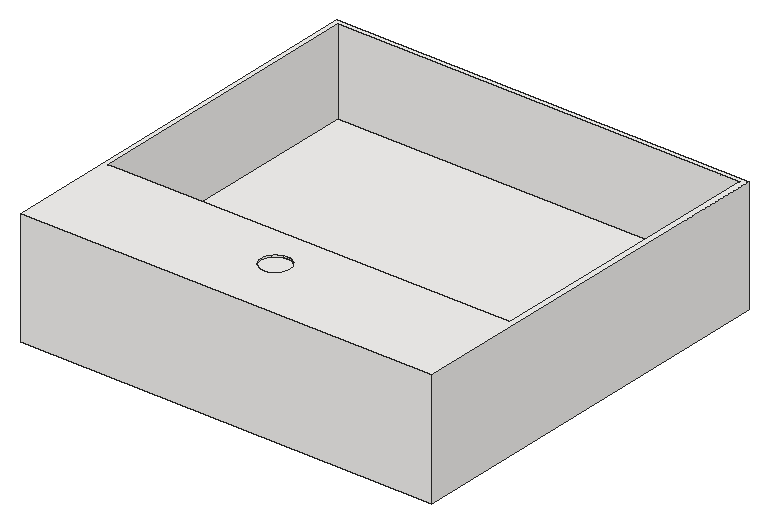
Revit family "Washbasins-hansgrohe-61088XXX-Xevolos E Handrinse basin 500_480 with tap hole without overflow, SmartClean", category Plumbing Fixtures, Revit 2019
Family settings
  Round Connector Dimension = Use Diameter
  Part Type = Valve - Breaks Into
  OmniClass Number = 23.31.13.00
  Work Plane-Based = No
  Always vertical = Yes
  Cut with Voids When Loaded = No
  Shared = Yes
  Room Calculation Point = No
Parameters (values of type "61088-61088450-GLOSSY_WHITE-200")
  X2 = 0
  X1 = 180
  WEIGHT = "13.5"
  UNSPSC = "301815 | Sanitary ware"
  UNIFORMATII = "D2010 | Plumbing Fixtures"
  UNICLASS_2015_CODE = "40_20_96"
  UNICLASS2015 = "Pr_40_20_96 | Wash basins, sinks and troughs"
  TYP = 1
  TAP = 1
  SURFACE = "GLOSSY_WHITE"
  SPECIFICATION = "Surfaces:  - 61088450 White   Specification:  • consists of: handrinse basin, waste set, cover  • material: ceramic  • SmartClean: dirt-repellent glaze • degree of gloss: glossy  • ceramic cover included • with one tap hole • without overflow • without shelf • non-closing waste set • 500 x 480 mm • type of installation: wall mounted  • suitable for cabinet"
  REGION = "Worldwide"
  PRODUCTURL = "https://pro.hansgrohe.com/articledetail--61088450"
  PRODUCTGROUP = "Washbasins"
  PRODUCTFAMILY = "Xevolos E"
  PERMALINK = "61088XXX"
  OMNICLASS = "23-31 13 00 | Sinks"
  OBJECTTYPE = "Object (single object)"
  NN = "Xevolos Washbasin"
  NBSYN = "$BASENUMBER.-$ARTNR.-$SURFACE.-$LODLEVEL."
  NB = "61088-61088450-GLOSSY_WHITE-200"
  NAME = "Xevolos E Handrinse basin 500/480 with tap hole without overflow, SmartClean"
  Model = "61088-61088450-GLOSSY_WHITE-200"
  Manufacturer = "Hansgrohe"
  MIdent = "{$CADENAS_DATA/23d-libs/hansgrohe/xevolos_washbasin/xevolos_washbasin.prj},222 {VTYP=3D},{NB=61088-61088450-GLOSSY_WHITE-200},{LINA=61088-61088450-GLOSSY_WHITE-200},{NN=Xevolos Washbasin},{DATE=13.03.2023 11:34:45},{GEOMDATE=13.03.2023 11:34:00},{VERSION=},{LINEID=820},{WBVAR=LODLEVEL},{WBNUMERIC=}  {NB=61088-61088450-GLOSSY_WHITE-200},{LINA=61088-61088450-GLOSSY_WHITE-200},{KT=DUMMY},{IDNR=1},{ARTNR=61088450},{BASENUMBER=61088},{MODEL=61088XXX},{SURFACE=GLOSSY_WHITE},{LODLEVEL=200},{LODLEVELX='400','400','200','200'},{L=500.000},{LI=320.000},{X1=180.000},{X2=0.000},{DO=46.000},{DOT=35.000},{TAP=1},{TYP=1},{NAME=Xevolos E Handrinse basin 500/480 with tap hole without overflow, SmartClean},{PERMALINK=61088XXX},{OBJECTTYPE=Object (single object)},{BIMOBJECT=Sanitary: Wash Basins},{PRODUCTFAMILY=Xevolos E},{PRODUCTGROUP=Washbasins},{WEIGHT=13.5},{DESCRIPTION=Xevolos E Handrinse basin 500/480 with tap hole without overflow, SmartClean},{SPECIFICATION=Surfaces:  - 61088450 White   Specification:  • consists of: handrinse basin, waste set, cover  • material: ceramic  • SmartClean: dirt-repellent glaze • degree of gloss: glossy  • ceramic cover included • with one tap hole • without overflow • without shelf • non-closing waste set • 500 x 480 mm • type of installation: wall mounted  • suitable for cabinet},{PRODUCTURL=https://pro.hansgrohe.com/articledetail--61088450},{GTINCODE=4059625420911},{IFC=Sanitary Terminal},{ETIM=EC011550 | Washbasin},{UNICLASS2015=Pr_40_20_96 | Wash basins, sinks and troughs},{OMNICLASS=23-31 13 00 | Sinks},{MASTERFORMAT=22 41 16.13 | Residential Lavatories},{UNSPSC=301815 | Sanitary ware},{UNIFORMATII=D2010 | Plumbing Fixtures},{REGION=Worldwide},{DESIGN=Germany},{MANUFACTURER=Germany}"
  MASTERFORMAT = "22 41 16.13 | Residential Lavatories"
  LODLEVEL = "200"
  LINA = "61088-61088450-GLOSSY_WHITE-200"
  LI = 320
  L = 500
  IFC = "Sanitary Terminal"
  GTINCODE = "4059625420911"
  ETIM = "EC011550 | Washbasin"
  DOT = 35
  DO = 46
  DESIGN = "Germany"
  CNSPipeRound/cp_Befestigungsanschluss_V = no
  CNSPipeRound/cp_Ausgang_1_V = no
  CATALOG = "Hansgrohe"
  BIMOBJECT = "Sanitary: Wash Basins"
  BASENUMBER = "61088"
  ARTNR = "61088450"
  61088-61088450-GLOSSY_WHITE-400_RX0RY0RZ0TX0TY0TZ0_V = no
  61088-61088450-GLOSSY_WHITE-200_RX0RY0RZ0TX0TY0TZ0_V = yes
Types (3, lengths in mm): name | NB | Model | MIdent | LODLEVEL | LINA | 61088-61088450-GLOSSY_WHITE-400_RX0RY0RZ0TX0TY0TZ0_V | 61088-61088450-GLOSSY_WHITE-200_RX0RY0RZ0TX0TY0TZ0_V
  (no name) | "61088-61088450-GLOSSY_WHITE-400" | "61088-61088450-GLOSSY_WHITE-400" | "{$CADENAS_DATA/23d-libs/hansgrohe/xevolos_washbasin/xevolos_washbasin.prj},222 {VTYP=3D},{NB=61088-61088450-GLOSSY_WHITE-400},{LINA=61088-61088450-GLOSSY_WHITE-400},{NN=Xevolos Washbasin},{DATE=13.03.2023 11:34:45},{GEOMDATE=13.03.2023 11:34:00},{VERSION=},{LINEID=820},{WBVAR=LODLEVEL},{WBNUMERIC=}  {NB=61088-61088450-GLOSSY_WHITE-400},{LINA=61088-61088450-GLOSSY_WHITE-400},{KT=DUMMY},{IDNR=1},{ARTNR=61088450},{BASENUMBER=61088},{MODEL=61088XXX},{SURFACE=GLOSSY_WHITE},{LODLEVEL=400},{LODLEVELX='400','400','200','200'},{L=500.000},{LI=320.000},{X1=180.000},{X2=0.000},{DO=46.000},{DOT=35.000},{TAP=1},{TYP=1},{NAME=Xevolos E Handrinse basin 500/480 with tap hole without overflow, SmartClean},{PERMALINK=61088XXX},{OBJECTTYPE=Object (single object)},{BIMOBJECT=Sanitary: Wash Basins},{PRODUCTFAMILY=Xevolos E},{PRODUCTGROUP=Washbasins},{WEIGHT=13.5},{DESCRIPTION=Xevolos E Handrinse basin 500/480 with tap hole without overflow, SmartClean},{SPECIFICATION=Surfaces:  - 61088450 White   Specification:  • consists of: handrinse basin, waste set, cover  • material: ceramic  • SmartClean: dirt-repellent glaze • degree of gloss: glossy  • ceramic cover included • with one tap hole • without overflow • without shelf • non-closing waste set • 500 x 480 mm • type of installation: wall mounted  • suitable for cabinet},{PRODUCTURL=https://pro.hansgrohe.com/articledetail--61088450},{GTINCODE=4059625420911},{IFC=Sanitary Terminal},{ETIM=EC011550 | Washbasin},{UNICLASS2015=Pr_40_20_96 | Wash basins, sinks and troughs},{OMNICLASS=23-31 13 00 | Sinks},{MASTERFORMAT=22 41 16.13 | Residential Lavatories},{UNSPSC=301815 | Sanitary ware},{UNIFORMATII=D2010 | Plumbing Fixtures},{REGION=Worldwide},{DESIGN=Germany},{MANUFACTURER=Germany}" | "400" | "61088-61088450-GLOSSY_WHITE-400" | yes | yes
  61088-61088450-GLOSSY_WHITE-200 | "61088-61088450-GLOSSY_WHITE-200" | "61088-61088450-GLOSSY_WHITE-200" | "{$CADENAS_DATA/23d-libs/hansgrohe/xevolos_washbasin/xevolos_washbasin.prj},222 {VTYP=3D},{NB=61088-61088450-GLOSSY_WHITE-200},{LINA=61088-61088450-GLOSSY_WHITE-200},{NN=Xevolos Washbasin},{DATE=13.03.2023 11:34:45},{GEOMDATE=13.03.2023 11:34:00},{VERSION=},{LINEID=820},{WBVAR=LODLEVEL},{WBNUMERIC=}  {NB=61088-61088450-GLOSSY_WHITE-200},{LINA=61088-61088450-GLOSSY_WHITE-200},{KT=DUMMY},{IDNR=1},{ARTNR=61088450},{BASENUMBER=61088},{MODEL=61088XXX},{SURFACE=GLOSSY_WHITE},{LODLEVEL=200},{LODLEVELX='400','400','200','200'},{L=500.000},{LI=320.000},{X1=180.000},{X2=0.000},{DO=46.000},{DOT=35.000},{TAP=1},{TYP=1},{NAME=Xevolos E Handrinse basin 500/480 with tap hole without overflow, SmartClean},{PERMALINK=61088XXX},{OBJECTTYPE=Object (single object)},{BIMOBJECT=Sanitary: Wash Basins},{PRODUCTFAMILY=Xevolos E},{PRODUCTGROUP=Washbasins},{WEIGHT=13.5},{DESCRIPTION=Xevolos E Handrinse basin 500/480 with tap hole without overflow, SmartClean},{SPECIFICATION=Surfaces:  - 61088450 White   Specification:  • consists of: handrinse basin, waste set, cover  • material: ceramic  • SmartClean: dirt-repellent glaze • degree of gloss: glossy  • ceramic cover included • with one tap hole • without overflow • without shelf • non-closing waste set • 500 x 480 mm • type of installation: wall mounted  • suitable for cabinet},{PRODUCTURL=https://pro.hansgrohe.com/articledetail--61088450},{GTINCODE=4059625420911},{IFC=Sanitary Terminal},{ETIM=EC011550 | Washbasin},{UNICLASS2015=Pr_40_20_96 | Wash basins, sinks and troughs},{OMNICLASS=23-31 13 00 | Sinks},{MASTERFORMAT=22 41 16.13 | Residential Lavatories},{UNSPSC=301815 | Sanitary ware},{UNIFORMATII=D2010 | Plumbing Fixtures},{REGION=Worldwide},{DESIGN=Germany},{MANUFACTURER=Germany}" | "200" | "61088-61088450-GLOSSY_WHITE-200" | no | yes
  61088-61088450-GLOSSY_WHITE-400 | "61088-61088450-GLOSSY_WHITE-400" | "61088-61088450-GLOSSY_WHITE-400" | "{$CADENAS_DATA/23d-libs/hansgrohe/xevolos_washbasin/xevolos_washbasin.prj},222 {VTYP=3D},{NB=61088-61088450-GLOSSY_WHITE-400},{LINA=61088-61088450-GLOSSY_WHITE-400},{NN=Xevolos Washbasin},{DATE=13.03.2023 11:34:45},{GEOMDATE=13.03.2023 11:34:00},{VERSION=},{LINEID=820},{WBVAR=LODLEVEL},{WBNUMERIC=}  {NB=61088-61088450-GLOSSY_WHITE-400},{LINA=61088-61088450-GLOSSY_WHITE-400},{KT=DUMMY},{IDNR=1},{ARTNR=61088450},{BASENUMBER=61088},{MODEL=61088XXX},{SURFACE=GLOSSY_WHITE},{LODLEVEL=400},{LODLEVELX='400','400','200','200'},{L=500.000},{LI=320.000},{X1=180.000},{X2=0.000},{DO=46.000},{DOT=35.000},{TAP=1},{TYP=1},{NAME=Xevolos E Handrinse basin 500/480 with tap hole without overflow, SmartClean},{PERMALINK=61088XXX},{OBJECTTYPE=Object (single object)},{BIMOBJECT=Sanitary: Wash Basins},{PRODUCTFAMILY=Xevolos E},{PRODUCTGROUP=Washbasins},{WEIGHT=13.5},{DESCRIPTION=Xevolos E Handrinse basin 500/480 with tap hole without overflow, SmartClean},{SPECIFICATION=Surfaces:  - 61088450 White   Specification:  • consists of: handrinse basin, waste set, cover  • material: ceramic  • SmartClean: dirt-repellent glaze • degree of gloss: glossy  • ceramic cover included • with one tap hole • without overflow • without shelf • non-closing waste set • 500 x 480 mm • type of installation: wall mounted  • suitable for cabinet},{PRODUCTURL=https://pro.hansgrohe.com/articledetail--61088450},{GTINCODE=4059625420911},{IFC=Sanitary Terminal},{ETIM=EC011550 | Washbasin},{UNICLASS2015=Pr_40_20_96 | Wash basins, sinks and troughs},{OMNICLASS=23-31 13 00 | Sinks},{MASTERFORMAT=22 41 16.13 | Residential Lavatories},{UNSPSC=301815 | Sanitary ware},{UNIFORMATII=D2010 | Plumbing Fixtures},{REGION=Worldwide},{DESIGN=Germany},{MANUFACTURER=Germany}" | "400" | "61088-61088450-GLOSSY_WHITE-400" | yes | no
Reference planes
  plane 1 "Center (Front/Back)": y = 0
  plane 2: z = 0
  plane 3 "Center (Left/Right)": x = 0
Dimensions and locks
  aligned and locked: level to plane 2
Nested families
  nested 1: "61088-61088450-glossy_white-200_content" at (0, 0, 0), visible <- "61088-61088450-GLOSSY_WHITE-200_RX0RY0RZ0TX0TY0TZ0_V", ContentVisible <- "61088-61088450-GLOSSY_WHITE-200_RX0RY0RZ0TX0TY0TZ0_V", type "61088-61088450-GLOSSY_WHITE-200_Content"
    with ContentVisible yes
  nested 2: "61088-61088450-glossy_white-400_content" at (0, 0, 0), visible <- "61088-61088450-GLOSSY_WHITE-400_RX0RY0RZ0TX0TY0TZ0_V", ContentVisible <- "61088-61088450-GLOSSY_WHITE-400_RX0RY0RZ0TX0TY0TZ0_V", type "61088-61088450-GLOSSY_WHITE-400_Content"
    with ContentVisible no
  nested 3: "ConnectorHost2019" at (0, -220, 0), visible <- "CNSPipeRound/cp_Ausgang_1_V", type "ConnectorHost2019"
    with Visible no, TransZ 0 mm, TransY 220 mm, TransX 0 mm, ScaleZ 1 mm, ScaleY 1 mm, ScaleX 1 mm, RotZ 180.00°, RotY 360.00°, RotX 180.00°
  nested 4: "ConnectorHost2019" at (-1, -220, 0), visible <- "CNSPipeRound/cp_Befestigungsanschluss_V", type "ConnectorHost2019"
    with Visible no, TransZ 147 mm, TransY 0 mm, TransX 1 mm, ScaleZ 1 mm, ScaleY 1 mm, ScaleX 1 mm, RotZ 180.00°, RotY 360.00°, RotX 360.00°
Connectors
  piping at (0, 0, 0), diameter 46
    settings: on nested 3, index 1, connector inside diameter 609.6 mm, connector length 0 mm, flow factor 0, pipe flow 0.0 L/s, pressure drop 0.0 Pa, fitting loss kfactor 0, connector angle 0.00°, fixture units 0, engagement length 0 mm, angle of deflection 0.00°, flow configuration 0, flow direction 2, fitting loss method 0, system type 29, joint type 0, gender type 0, connector reference index -1, connector utility 0, adjustable connector no, is connector primary yes, connector description ""
  piping at (0, -220, 147), diameter 35
    settings: on nested 4, index 2, connector inside diameter 609.6 mm, connector length 0 mm, flow factor 0, pipe flow 0.0 L/s, pressure drop 0.0 Pa, fitting loss kfactor 0, connector angle 0.00°, fixture units 0, engagement length 0 mm, angle of deflection 0.00°, flow configuration 0, flow direction 2, fitting loss method 0, system type 29, joint type 0, gender type 0, connector reference index -1, connector utility 0, adjustable connector no, is connector primary no, connector description ""
Definition of nested family "61088-61088450-glossy_white-200_content"
  Parameters (values of type "61088-61088450-GLOSSY_WHITE-200_Content")
    X2 = 0
    X1 = 180
    WEIGHT = "13.5"
    UNSPSC = "301815 | Sanitary ware"
    UNIFORMATII = "D2010 | Plumbing Fixtures"
    UNICLASS_2015_CODE = "40_20_96"
    UNICLASS2015 = "Pr_40_20_96 | Wash basins, sinks and troughs"
    TYP = 1
    TAP = 1
    SURFACE = "GLOSSY_WHITE"
    SPECIFICATION = "Surfaces:  - 61088450 White   Specification:  • consists of: handrinse basin, waste set, cover  • material: ceramic  • SmartClean: dirt-repellent glaze • degree of gloss: glossy  • ceramic cover included • with one tap hole • without overflow • without shelf • non-closing waste set • 500 x 480 mm • type of installation: wall mounted  • suitable for cabinet"
    REGION = "Worldwide"
    PRODUCTURL = "https://pro.hansgrohe.com/articledetail--61088450"
    PRODUCTGROUP = "Washbasins"
    PRODUCTFAMILY = "Xevolos E"
    PERMALINK = "61088XXX"
    OMNICLASS = "23-31 13 00 | Sinks"
    OBJECTTYPE = "Object (single object)"
    NN = "Xevolos Washbasin"
    NBSYN = "$BASENUMBER.-$ARTNR.-$SURFACE.-$LODLEVEL."
    NB = "61088-61088450-GLOSSY_WHITE-200"
    NAME = "Xevolos E Handrinse basin 500/480 with tap hole without overflow, SmartClean"
    Model = "61088-61088450-GLOSSY_WHITE-200"
    Manufacturer = "Hansgrohe"
    MASTERFORMAT = "22 41 16.13 | Residential Lavatories"
    LODLEVEL = "200"
    LINA = "61088-61088450-GLOSSY_WHITE-200"
    LI = 320
    L = 500
    IFC = "Sanitary Terminal"
    GTINCODE = "4059625420911"
    ETIM = "EC011550 | Washbasin"
    Default Elevation = 1219.2 mm
    DOT = 35
    DO = 46
    DESIGN = "Germany"
    ContentVisible [instance] = yes
    CATALOG = "Hansgrohe"
    BIMOBJECT = "Sanitary: Wash Basins"
    BASENUMBER = "61088"
    ARTNR = "61088450"
  Reference planes
    plane 1 "Center (Front/Back)": y = 0
    plane 2: z = 0
    plane 3 "Center (Left/Right)": x = 0
  Forms (mm)
    Extrusion 1, solid, visible <- "ContentVisible", detail levels medium+fine
      sketch origin (0, -295, 147) x (-1, 0, 0) y (0, -1, 0)
        loop
          line (-250, -480) -> (250, -480) -> (250, 0) -> (-250, 0) -> (-250, -480)
      from -140 to 0
    Extrusion 2, void, detail levels medium+fine
      sketch origin (0, -295, 147) x (-1, 0, 0) y (0, -1, 0)
        loop
          line (-244, -126) -> (-244, -474) -> (244, -474) -> (244, -126) -> (-244, -126)
      from -102.5 to 0
    Extrusion 3, void, detail levels medium+fine
      sketch origin (0, -295, 147) x (-1, 0, 0) y (0, -1, 0)
        loop
          circle (0, -75) r 17.5
      from -1.5 to 1.5
    Extrusion 4, solid, visible <- "ContentVisible", detail levels medium+fine
      sketch origin (0, -295, 7) x (-1, 0, 0) y (0, -1, 0)
        loop
          circle (0, -295) r 34
      from -10 to 0
    Extrusion 5, solid, visible <- "ContentVisible", detail levels coarse
      sketch origin (0, -55, -3) x (1, 0, 0) y (0, 1, 0)
        loop
          line (-250, -240) -> (250, -240) -> (250, 240) -> (-250, 240) -> (-250, -240)
      from 0 to 150
  Cuts and joins
    Extrusion 2, Extrusion 3 cuts Extrusion 1
  Dimensions and locks
    aligned and locked: level to plane 2
Definition of nested family "61088-61088450-glossy_white-400_content"
  Parameters (values of type "61088-61088450-GLOSSY_WHITE-400_Content")
    X2 = 0
    X1 = 180
    WEIGHT = "13.5"
    UNSPSC = "301815 | Sanitary ware"
    UNIFORMATII = "D2010 | Plumbing Fixtures"
    UNICLASS_2015_CODE = "40_20_96"
    UNICLASS2015 = "Pr_40_20_96 | Wash basins, sinks and troughs"
    TYP = 1
    TAP = 1
    SURFACE = "GLOSSY_WHITE"
    SPECIFICATION = "Surfaces:  - 61088450 White   Specification:  • consists of: handrinse basin, waste set, cover  • material: ceramic  • SmartClean: dirt-repellent glaze • degree of gloss: glossy  • ceramic cover included • with one tap hole • without overflow • without shelf • non-closing waste set • 500 x 480 mm • type of installation: wall mounted  • suitable for cabinet"
    REGION = "Worldwide"
    PRODUCTURL = "https://pro.hansgrohe.com/articledetail--61088450"
    PRODUCTGROUP = "Washbasins"
    PRODUCTFAMILY = "Xevolos E"
    PERMALINK = "61088XXX"
    OMNICLASS = "23-31 13 00 | Sinks"
    OBJECTTYPE = "Object (single object)"
    NN = "Xevolos Washbasin"
    NBSYN = "$BASENUMBER.-$ARTNR.-$SURFACE.-$LODLEVEL."
    NB = "61088-61088450-GLOSSY_WHITE-400"
    NAME = "Xevolos E Handrinse basin 500/480 with tap hole without overflow, SmartClean"
    Model = "61088-61088450-GLOSSY_WHITE-400"
    Manufacturer = "Hansgrohe"
    MASTERFORMAT = "22 41 16.13 | Residential Lavatories"
    LODLEVEL = "400"
    LINA = "61088-61088450-GLOSSY_WHITE-400"
    LI = 320
    L = 500
    IFC = "Sanitary Terminal"
    GTINCODE = "4059625420911"
    ETIM = "EC011550 | Washbasin"
    Default Elevation = 1219.2 mm
    DOT = 35
    DO = 46
    DESIGN = "Germany"
    ContentVisible [instance] = yes
    CATALOG = "Hansgrohe"
    BIMOBJECT = "Sanitary: Wash Basins"
    BASENUMBER = "61088"
    ARTNR = "61088450"
  Reference planes
    plane 1 "Center (Front/Back)": y = 0
    plane 2: z = 0
    plane 3 "Center (Left/Right)": x = 0
  Forms (mm)
    Extrusion 1, solid, visible <- "ContentVisible", detail levels medium+fine
      sketch origin (0, -295, 7) x (0, 0, -1) y (0, -1, 0)
        loop
          line (-140, -474) -> (-121, -474) -> (-62.906, -440.46)
          arc (-62.906, -440.46) -> (-37.353, -414.906) -> (-28, -380) r 69.813
          line (-28, -380) -> (-37.5, -380)
          arc (-37.5, -380) -> (-45.58, -410.156) -> (-67.656, -432.232) r 60.313
          line (-67.656, -432.232) -> (-140, -474)
      from -145 to 145
    Revolve 2, solid, visible <- "ContentVisible", detail levels medium+fine
      sketch origin (-145, -295, 7) x (0, 0, -1) y (0, -1, 0)
        loop
          line (-140, -474) -> (-121, -474) -> (-62.906, -440.46)
          arc (-62.906, -440.46) -> (-37.353, -414.906) -> (-28, -380) r 69.813
          line (-28, -380) -> (-37.5, -380)
          arc (-37.5, -380) -> (-45.58, -410.156) -> (-67.656, -432.232) r 60.313
          line (-67.656, -432.232) -> (-140, -474)
        axis (-140, -375) -> (-28, -375)
      angle from -90 to 0
    Extrusion 3, solid, visible <- "ContentVisible", detail levels medium+fine
      sketch origin (0, -70, 7) x (-1, 0, 0) y (0, 0, -1)
        loop
          line (150, -28) -> (150, -37.5)
          arc (150, -37.5) -> (180.156, -45.58) -> (202.232, -67.656) r 60.313
          line (202.232, -67.656) -> (244, -140) -> (244, -121) -> (210.46, -62.906)
          arc (210.46, -62.906) -> (184.906, -37.353) -> (150, -28) r 69.813
      from -150 to 0
    Revolve 4, solid, visible <- "ContentVisible", detail levels medium+fine
      sketch origin (-145, -295, 7) x (0, 0, -1) y (0, -1, 0)
        loop
          line (-140, -126) -> (-67.656, -167.768)
          arc (-67.656, -167.768) -> (-45.58, -189.844) -> (-37.5, -220) r 60.313
          line (-37.5, -220) -> (-28, -220)
          arc (-28, -220) -> (-37.353, -185.094) -> (-62.906, -159.54) r 69.813
          line (-62.906, -159.54) -> (-121, -126) -> (-140, -126)
        axis (-28, -225) -> (-140, -225)
      angle from -90 to 0
    Extrusion 5, solid, visible <- "ContentVisible", detail levels medium+fine
      sketch origin (0, -295, 7) x (0, 0, -1) y (0, -1, 0)
        loop
          line (-140, -126) -> (-67.656, -167.768)
          arc (-67.656, -167.768) -> (-45.58, -189.844) -> (-37.5, -220) r 60.313
          line (-37.5, -220) -> (-28, -220)
          arc (-28, -220) -> (-37.353, -185.094) -> (-62.906, -159.54) r 69.813
          line (-62.906, -159.54) -> (-121, -126) -> (-140, -126)
      from -145 to 145
    Revolve 6, solid, visible <- "ContentVisible", detail levels medium+fine
      sketch origin (145, -295, 7) x (0, 0, -1) y (0, -1, 0)
        loop
          line (-140, -126) -> (-67.656, -167.768)
          arc (-67.656, -167.768) -> (-45.58, -189.844) -> (-37.5, -220) r 60.313
          line (-37.5, -220) -> (-28, -220)
          arc (-28, -220) -> (-37.353, -185.094) -> (-62.906, -159.54) r 69.813
          line (-62.906, -159.54) -> (-121, -126) -> (-140, -126)
        axis (-28, -225) -> (-140, -225)
      angle from 0 to 90
    Extrusion 7, solid, visible <- "ContentVisible", detail levels medium+fine
      sketch origin (0, -70, 7) x (-1, 0, 0) y (0, 0, -1)
        loop
          line (-244, -121) -> (-244, -140) -> (-202.232, -67.656)
          arc (-202.232, -67.656) -> (-180.156, -45.58) -> (-150, -37.5) r 60.313
          line (-150, -37.5) -> (-150, -28)
          arc (-150, -28) -> (-184.906, -37.353) -> (-210.46, -62.906) r 69.813
          line (-210.46, -62.906) -> (-244, -121)
      from -150 to 0
    Revolve 8, solid, visible <- "ContentVisible", detail levels medium+fine
      sketch origin (145, -295, 7) x (0, 0, -1) y (0, -1, 0)
        loop
          line (-140, -474) -> (-121, -474) -> (-62.906, -440.46)
          arc (-62.906, -440.46) -> (-37.353, -414.906) -> (-28, -380) r 69.813
          line (-28, -380) -> (-37.5, -380)
          arc (-37.5, -380) -> (-45.58, -410.156) -> (-67.656, -432.232) r 60.313
          line (-67.656, -432.232) -> (-140, -474)
        axis (-140, -375) -> (-28, -375)
      angle from 0 to 90
    Extrusion 9, solid, visible <- "ContentVisible", detail levels medium+fine
      sketch origin (0, -295, 35) x (-1, 0, 0) y (0, -1, 0)
        loop
          line (-150, -225) -> (-150, -375)
          arc (-150, -375) -> (-148.536, -378.536) -> (-145, -380) r 5
          line (-145, -380) -> (145, -380)
          arc (145, -380) -> (148.536, -378.536) -> (150, -375) r 5
          line (150, -375) -> (150, -225)
          arc (150, -225) -> (148.536, -221.464) -> (145, -220) r 5
          line (145, -220) -> (-145, -220)
          arc (-145, -220) -> (-148.536, -221.464) -> (-150, -225) r 5
        loop
          line (-60, -252.5) -> (-60, -337.5) -> (60, -337.5) -> (60, -252.5) -> (-60, -252.5)
      from 0 to 9.5
    Extrusion 10, solid, visible <- "ContentVisible", detail levels medium+fine
      sketch origin (0, -295, 147) x (-1, 0, 0) y (0, -1, 0)
        loop
          line (-250, -480) -> (250, -480) -> (250, 0) -> (-250, 0) -> (-250, -480)
        loop
          line (-244, -226) -> (-244, -374)
          arc (-244, -374) -> (-214.711, -444.711) -> (-144, -474) r 100
          line (-144, -474) -> (144, -474)
          arc (144, -474) -> (214.711, -444.711) -> (244, -374) r 100
          line (244, -374) -> (244, -226)
          arc (244, -226) -> (214.711, -155.289) -> (144, -126) r 100
          line (144, -126) -> (-144, -126)
          arc (-144, -126) -> (-214.711, -155.289) -> (-244, -226) r 100
      from -13 to 0
    Extrusion 11, solid, visible <- "ContentVisible", detail levels medium+fine
      sketch origin (0, -295, 134) x (-1, 0, 0) y (0, -1, 0)
        loop
          line (-250, -480) -> (250, -480) -> (250, 0) -> (240, 0) -> (240, -470) -> (-240, -470) -> (-240, 0) -> (-250, 0) -> (-250, -480)
      from -127 to 0
    Extrusion 12, solid, visible <- "ContentVisible", detail levels medium+fine
      sketch origin (0, -295, 17) x (-1, 0, 0) y (0, -1, 0)
        loop
          line (-240, -35) -> (-240, -470) -> (240, -470) -> (240, -35) -> (200, -35) -> (200, -380)
          arc (200, -380) -> (185.355, -415.355) -> (150, -430) r 50
          line (150, -430) -> (-150, -430)
          arc (-150, -430) -> (-185.355, -415.355) -> (-200, -380) r 50
          line (-200, -380) -> (-200, -35) -> (-240, -35)
      from 0 to 50
    Extrusion 13, solid, visible <- "ContentVisible", detail levels medium+fine
      sketch origin (0, -295, 7) x (-1, 0, 0) y (0, 0, -1)
        loop
          line (-240, -10) -> (-240, -127) -> (240, -127) -> (240, -10) -> (65, -10) -> (59.568, -21.649)
          arc (59.568, -21.649) -> (55.509, -26.277) -> (49.599, -28) r 11
          line (49.599, -28) -> (-49.599, -28)
          arc (-49.599, -28) -> (-55.509, -26.277) -> (-59.568, -21.649) r 11
          line (-59.568, -21.649) -> (-65, -10) -> (-240, -10)
      from -35 to 0
    Extrusion 14, solid, visible <- "ContentVisible", detail levels medium+fine
      sketch origin (-160, -295, 7) x (0, 0, -1) y (0, -1, 0)
        loop
          line (-127, -35) -> (-127, -127.732) -> (-65.156, -163.437)
          arc (-65.156, -163.437) -> (-41.25, -187.344) -> (-32.5, -220) r 65.313
          line (-32.5, -220) -> (-32.5, -380)
          arc (-32.5, -380) -> (-39.303, -409.023) -> (-58.294, -432) r 65.313
          line (-58.294, -432) -> (-30.544, -432) -> (-10, -40) -> (-10, -35) -> (-127, -35)
      from 0 to 50
    Extrusion 15, solid, visible <- "ContentVisible", detail levels medium+fine
      sketch origin (160, -295, 7) x (0, 0, -1) y (0, -1, 0)
        loop
          line (-127, -35) -> (-127, -127.732) -> (-65.156, -163.437)
          arc (-65.156, -163.437) -> (-41.25, -187.344) -> (-32.5, -220) r 65.313
          line (-32.5, -220) -> (-32.5, -380)
          arc (-32.5, -380) -> (-39.303, -409.023) -> (-58.294, -432) r 65.313
          line (-58.294, -432) -> (-30.544, -432) -> (-10, -40) -> (-10, -35) -> (-127, -35)
      from -50 to 0
    Extrusion 16, solid, visible <- "ContentVisible", detail levels medium+fine
      sketch origin (0, -295, 17) x (-1, 0, 0) y (0, -1, 0)
        loop
          line (-72, -261.5) -> (-72, -328.5)
          arc (-72, -328.5) -> (-65.703, -343.703) -> (-50.5, -350) r 21.5
          line (-50.5, -350) -> (50.5, -350)
          arc (50.5, -350) -> (65.703, -343.703) -> (72, -328.5) r 21.5
          line (72, -328.5) -> (72, -261.5)
          arc (72, -261.5) -> (65.703, -246.297) -> (50.5, -240) r 21.5
          line (50.5, -240) -> (-50.5, -240)
          arc (-50.5, -240) -> (-65.703, -246.297) -> (-72, -261.5) r 21.5
      from 0 to 18
    Revolve 17, solid, visible <- "ContentVisible", detail levels medium+fine
      sketch origin (0, 0, 7) x (-1, 0, 0) y (0, 0, -1)
        loop
          line (23, -4.5) -> (42.5, -27.441) -> (42.5, -10) -> (34, 0) -> (34, 7) -> (23, 7) -> (23, -4.5)
        axis (0, -27.441) -> (0, 7)
      angle from -360 to 0
    Extrusion 18, solid, visible <- "ContentVisible", detail levels medium+fine
      sketch origin (0, -295, -3) x (-1, 0, 0) y (0, -1, 0)
        loop
          circle (0, -295) r 7.5
      from 0 to 41
    Extrusion 19, solid, visible <- "ContentVisible", detail levels medium+fine
      sketch origin (0, -295, 38) x (-1, 0, 0) y (0, -1, 0)
        loop
          circle (0, -295) r 32.5
      from 0 to 2
    Extrusion 20, solid, visible <- "ContentVisible", detail levels medium+fine
      sketch origin (0, 0, 7) x (-1, 0, 0) y (0, 0, -1)
        loop
          arc (-54.85, -33) -> (-57.5, -35.65) -> (-54.85, -38.3) r 2.65
          arc (-54.85, -38.3) -> (0, -43.036) -> (54.85, -38.3) r 320
          arc (54.85, -38.3) -> (57.5, -35.65) -> (54.85, -33) r 2.65
          line (54.85, -33) -> (-54.85, -33)
      from -40 to 40
    Extrusion 21, void, detail levels medium+fine
      sketch origin (0, -295, 133) x (-1, 0, 0) y (0, -1, 0)
        loop
          circle (0, -75) r 17.5
      from 0 to 15
    Extrusion 22, void, detail levels medium+fine
      sketch origin (0, -295, 7) x (-1, 0, 0) y (0, 0, -1)
        loop
          circle (90, -83) r 8
      from -30 to 30
    Extrusion 23, void, detail levels medium+fine
      sketch origin (0, -295, 7) x (-1, 0, 0) y (0, 0, -1)
        loop
          circle (-90, -83) r 8
      from -30 to 30
    Extrusion 24, solid, visible <- "ContentVisible", detail levels coarse
      sketch origin (0, -55, -3) x (1, 0, 0) y (0, 1, 0)
        loop
          line (-250, -240) -> (250, -240) -> (250, 240) -> (-250, 240) -> (-250, -240)
      from 0 to 150
  Cuts and joins
    Extrusion 21, Extrusion 22, Extrusion 23 cuts Extrusion 1
    Extrusion 21, Extrusion 22, Extrusion 23 cuts Revolve 2
    Extrusion 21, Extrusion 22, Extrusion 23 cuts Extrusion 3
    Extrusion 21, Extrusion 22, Extrusion 23 cuts Revolve 4
    Extrusion 21, Extrusion 22, Extrusion 23 cuts Extrusion 5
    Extrusion 21, Extrusion 22, Extrusion 23 cuts Revolve 6
    Extrusion 21, Extrusion 22, Extrusion 23 cuts Extrusion 7
    Extrusion 21, Extrusion 22, Extrusion 23 cuts Revolve 8
    Extrusion 21, Extrusion 22, Extrusion 23 cuts Extrusion 9
    Extrusion 21, Extrusion 22, Extrusion 23 cuts Extrusion 10
    Extrusion 21, Extrusion 22, Extrusion 23 cuts Extrusion 11
    Extrusion 21, Extrusion 22, Extrusion 23 cuts Extrusion 12
    Extrusion 21, Extrusion 22, Extrusion 23 cuts Extrusion 13
    Extrusion 21, Extrusion 22, Extrusion 23 cuts Extrusion 14
    Extrusion 21, Extrusion 22, Extrusion 23 cuts Extrusion 15
    Extrusion 21, Extrusion 22, Extrusion 23 cuts Extrusion 16
    Extrusion 21, Extrusion 22, Extrusion 23 cuts Revolve 17
    Extrusion 21, Extrusion 22, Extrusion 23 cuts Extrusion 18
    Extrusion 21, Extrusion 22, Extrusion 23 cuts Extrusion 19
    Extrusion 21, Extrusion 22, Extrusion 23 cuts Extrusion 20
  Dimensions and locks
    aligned and locked: level to plane 2
